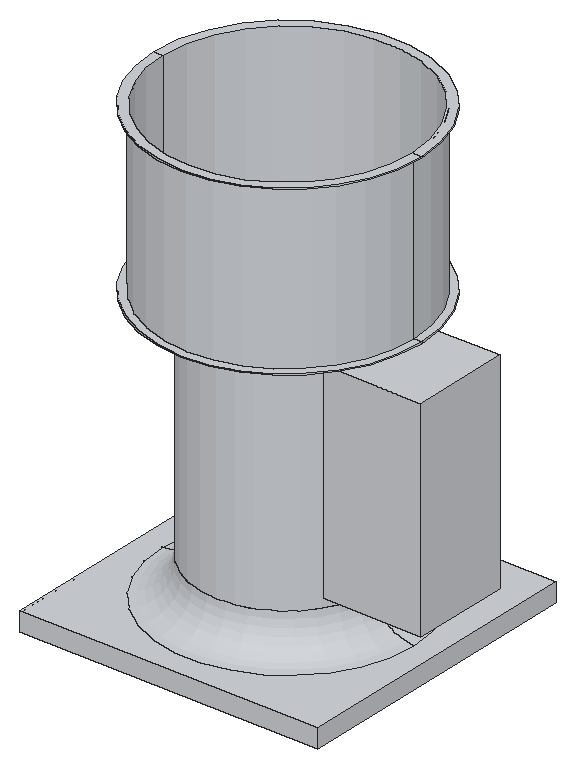
Revit family "TUB", category Mechanical Equipment, Revit 2019
Family settings
  Round Connector Dimension = Use Diameter
  Part Type = Normal
  Work Plane-Based = No
  Always vertical = Yes
  Cut with Voids When Loaded = No
  Shared = No
  Room Calculation Point = No
Parameters (values of type "20_TUB_SC")
  Unit Weight [instance] = ""
  T_SQ/6 = T_SQ / 6  # 0' - 5.33333"
  Sones [instance] = ""
  Motor RPM [instance] = ""
  Motor Enclosure [instance] = ""
  ModelID [instance] = ""
  LwA [instance] = ""
  RO = T_SQ - 0' 4 1/2"  # 2' - 3 1/2"
  Fan RPM [instance] = ""
  T_SQ/2 = T_SQ / 2  # 1' - 4"
  T_SQ = 2' - 8"
  E-.125" = E - 0' 0 1/8"  # 0' - 1 7/8"
  E+C-B-2" = E + C_ - B - 0' 2"  # 2' - 5 5/8"
  E = 0' - 2"
  D = 0' - 4"
  C-B-3" = C_ - B - 0' 3"  # 2' - 2 5/8"
  B/2 = B / 2  # 0' - 9 1/16"
  C-B = C_ - B  # 2' - 5 5/8"
  B = 1' - 6 1/8"
  Brake Hp [instance] = ""
  C_/2 = C_ / 2  # 1' - 11 7/8"
  C_ = 3' - 11 3/4"
  Accessories [instance] = ""
  A/4 = A / 3  # 0' - 9.08333"
  A/2 = A / 2  # 1' - 1 5/8"
  A = 2' - 3 1/4"
  4" = 0' - 4"  # constant formula
  2' = 2' - 0"
  2" = 0' - 2"  # constant formula
  1' = 1' - 0"  # constant formula
  1" = 0' - 1"  # constant formula
  0 = 0' - 0"  # constant formula
  Voltage [instance] = 0 V
  URL = "www.lorencook.com"
  Type Comments = "Upblast Exhaust Smoke Control Ventilator Triton Steel Propeller Roof Mounted/ Belt Drive"
  Static Pressure [instance] = 0.00 in-wg
  Power [instance] = Voltage * Motor FLA * sqrt(if(Phase = 3, 3, 1))  # 0 VA
  Phase [instance] = 0
  Number of Poles [instance] = 1
  Motor Hp [instance] = "0"
  Motor FLA [instance] = 0 A
  Model = "TUBSC"
  Manufacturer = "Loren Cook Company"
  CFM [instance] = 0 CFM
  1.5 = 0' - 1 1/2"  # constant formula
  ONE EIGTH = 0' - 0 1/8"  # constant formula
  -(C/2) = -(B / 2)  # -0' - 9 1/16"
  -(A/2) = -(A / 2)  # -1' - 1 5/8"
  (T_SQ/2)+.125" = (T_SQ / 2) + 0' 0 1/8"  # 1' - 4 1/8"
  (A/2)-4.125" = (A / 2) - 0' 4 1/8"  # 0' - 9 1/2"
  (A/2)-4" = (A / 2) - 0' 4"  # 0' - 9 5/8"
Types (19): name | T_SQ/6 | RO | T_SQ/2 | T_SQ | E-.125" | E+C-B-2" | E | C-B-3" | B/2 | C-B | B | C_/2 | C_ | A/4 | A/2 | A | Type Comments | Model | -(C/2) | -(A/2) | (T_SQ/2)+.125" | (A/2)-4.125" | (A/2)-4"
  (no name) | 0' - 5.33333" | 2' - 3 1/2" | 1' - 4" | 2' - 8" | 0' - 1 7/8" | 2' - 5 5/8" | 0' - 2" | 2' - 2 5/8" | 0' - 9 1/16" | 2' - 5 5/8" | 1' - 6 1/8" | 1' - 11 7/8" | 3' - 11 3/4" | 0' - 9.08333" | 1' - 1 5/8" | 2' - 3 1/4" | "Upblast Exhaust Smoke Control Ventilator Triton Steel Propeller Roof Mounted/ Belt Drive" | "TUBSC" | -0' - 9 1/16" | -1' - 1 5/8" | 1' - 4 1/8" | 0' - 9 1/2" | 0' - 9 5/8"
  24_TUB | 0' - 6" | 2' - 7 1/2" | 1' - 6" | 3' - 0" | 0' - 2 7/8" | 2' - 6 1/4" | 0' - 3" | 2' - 2 1/4" | 0' - 9 9/16" | 2' - 5 1/4" | 1' - 7 1/8" | 2' - 0 3/16" | 4' - 0 3/8" | 0' - 10.41667" | 1' - 3 5/8" | 2' - 7 1/4" | "Upblast Exhaust Ventilator Triton Steel Propeller Roof Mounted/ Belt Drive" | "TUB" | -0' - 9 9/16" | -1' - 3 5/8" | 1' - 6 1/8" | 0' - 11 1/2" | 0' - 11 5/8"
  30_TUB_SC | 0' - 7" | 3' - 1 1/2" | 1' - 9" | 3' - 6" | 0' - 2 7/8" | 2' - 7 1/2" | 0' - 3" | 2' - 3 1/2" | 0' - 11 13/16" | 2' - 6 1/2" | 1' - 11 5/8" | 2' - 3 1/16" | 4' - 6 1/8" | 1' - 0.41667" | 1' - 6 5/8" | 3' - 1 1/4" | "Upblast Exhaust Smoke Control Ventilator Triton Steel Propeller Roof Mounted/ Belt Drive" | "TUBSC" | -0' - 11 13/16" | -1' - 6 5/8" | 1' - 9 1/8" | 1' - 2 1/2" | 1' - 2 5/8"
  36_TUB_SC | 0' - 8" | 3' - 7 1/2" | 2' - 0" | 4' - 0" | 0' - 2 7/8" | 3' - 0 1/2" | 0' - 3" | 2' - 8 1/2" | 1' - 0 13/16" | 2' - 11 1/2" | 2' - 1 5/8" | 2' - 6 9/16" | 5' - 1 1/8" | 1' - 2.41667" | 1' - 9 5/8" | 3' - 7 1/4" | "Upblast Exhaust Smoke Control Ventilator Triton Steel Propeller Roof Mounted/ Belt Drive" | "TUBSC" | -1' - 0 13/16" | -1' - 9 5/8" | 2' - 0 1/8" | 1' - 5 1/2" | 1' - 5 5/8"
  42_TUB_SC | 0' - 9" | 4' - 1 1/2" | 2' - 3" | 4' - 6" | 0' - 2 7/8" | 3' - 1 11/16" | 0' - 3" | 2' - 9 11/16" | 1' - 1 15/16" | 3' - 0 11/16" | 2' - 3 7/8" | 2' - 8 9/32" | 5' - 4 9/16" | 1' - 4.41667" | 2' - 0 5/8" | 4' - 1 1/4" | "Upblast Exhaust Smoke Control Ventilator Triton Steel Propeller Roof Mounted/ Belt Drive" | "TUBSC" | -1' - 1 15/16" | -2' - 0 5/8" | 2' - 3 1/8" | 1' - 8 1/2" | 1' - 8 5/8"
  48_TUB | 0' - 10" | 4' - 7 1/2" | 2' - 6" | 5' - 0" | 0' - 2 7/8" | 3' - 4 9/16" | 0' - 3" | 3' - 0 9/16" | 1' - 3 5/8" | 3' - 3 9/16" | 2' - 7 1/4" | 2' - 11 13/32" | 5' - 10 13/16" | 1' - 6.41667" | 2' - 3 5/8" | 4' - 7 1/4" | "Upblast Exhaust Ventilator Triton Steel Propeller Roof Mounted/ Belt Drive" | "TUB" | -1' - 3 5/8" | -2' - 3 5/8" | 2' - 6 1/8" | 1' - 11 1/2" | 1' - 11 5/8"
  54_TUB | 0' - 11" | 5' - 1 1/2" | 2' - 9" | 5' - 6" | 0' - 2 7/8" | 3' - 9" | 0' - 3" | 3' - 5" | 1' - 5 5/8" | 3' - 8" | 2' - 11 1/4" | 3' - 3 5/8" | 6' - 7 1/4" | 1' - 8.41667" | 2' - 6 5/8" | 5' - 1 1/4" | "Upblast Exhaust Ventilator Triton Steel Propeller Roof Mounted/ Belt Drive" | "TUB" | -1' - 5 5/8" | -2' - 6 5/8" | 2' - 9 1/8" | 2' - 2 1/2" | 2' - 2 5/8"
  60_TUB | 1' - 0" | 5' - 7 1/2" | 3' - 0" | 6' - 0" | 0' - 2 7/8" | 4' - 0 1/4" | 0' - 3" | 3' - 8 1/4" | 1' - 6 1/4" | 3' - 11 1/4" | 3' - 0 1/2" | 3' - 5 7/8" | 6' - 11 3/4" | 1' - 10.41667" | 2' - 9 5/8" | 5' - 7 1/4" | "Upblast Exhaust Ventilator Triton Steel Propeller Roof Mounted/ Belt Drive" | "TUB" | -1' - 6 1/4" | -2' - 9 5/8" | 3' - 0 1/8" | 2' - 5 1/2" | 2' - 5 5/8"
  72_TUB | 1' - 2" | 6' - 7 1/2" | 3' - 6" | 7' - 0" | 0' - 2 7/8" | 4' - 7 13/16" | 0' - 3" | 4' - 3 13/16" | 1' - 10" | 4' - 6 13/16" | 3' - 8" | 4' - 1 13/32" | 8' - 2 13/16" | 2' - 2.33333" | 3' - 3 1/2" | 6' - 7" | "Upblast Exhaust Ventilator Triton Steel Propeller Roof Mounted/ Belt Drive" | "TUB" | -1' - 10" | -3' - 3 1/2" | 3' - 6 1/8" | 2' - 11 3/8" | 2' - 11 1/2"
  20_TUB | 0' - 5.33333" | 2' - 3 1/2" | 1' - 4" | 2' - 8" | 0' - 1 7/8" | 2' - 5 5/8" | 0' - 2" | 2' - 2 5/8" | 0' - 9 1/16" | 2' - 5 5/8" | 1' - 6 1/8" | 1' - 11 7/8" | 3' - 11 3/4" | 0' - 9.08333" | 1' - 1 5/8" | 2' - 3 1/4" | "Upblast Exhaust Ventilator Triton Steel Propeller Roof Mounted/ Belt Drive" | "TUB" | -0' - 9 1/16" | -1' - 1 5/8" | 1' - 4 1/8" | 0' - 9 1/2" | 0' - 9 5/8"
  20_TUB_SC | 0' - 5.33333" | 2' - 3 1/2" | 1' - 4" | 2' - 8" | 0' - 1 7/8" | 2' - 5 5/8" | 0' - 2" | 2' - 2 5/8" | 0' - 9 1/16" | 2' - 5 5/8" | 1' - 6 1/8" | 1' - 11 7/8" | 3' - 11 3/4" | 0' - 9.08333" | 1' - 1 5/8" | 2' - 3 1/4" | "Upblast Exhaust Smoke Control Ventilator Triton Steel Propeller Roof Mounted/ Belt Drive" | "TUBSC" | -0' - 9 1/16" | -1' - 1 5/8" | 1' - 4 1/8" | 0' - 9 1/2" | 0' - 9 5/8"
  24_TUB_SC | 0' - 6" | 2' - 7 1/2" | 1' - 6" | 3' - 0" | 0' - 2 7/8" | 2' - 6 1/4" | 0' - 3" | 2' - 2 1/4" | 0' - 9 9/16" | 2' - 5 1/4" | 1' - 7 1/8" | 2' - 0 3/16" | 4' - 0 3/8" | 0' - 10.41667" | 1' - 3 5/8" | 2' - 7 1/4" | "Upblast Exhaust Smoke Control Ventilator Triton Steel Propeller Roof Mounted/ Belt Drive" | "TUBSC" | -0' - 9 9/16" | -1' - 3 5/8" | 1' - 6 1/8" | 0' - 11 1/2" | 0' - 11 5/8"
  48_TUB_SC | 0' - 10" | 4' - 7 1/2" | 2' - 6" | 5' - 0" | 0' - 2 7/8" | 3' - 4 9/16" | 0' - 3" | 3' - 0 9/16" | 1' - 3 5/8" | 3' - 3 9/16" | 2' - 7 1/4" | 2' - 11 13/32" | 5' - 10 13/16" | 1' - 6.41667" | 2' - 3 5/8" | 4' - 7 1/4" | "Upblast Exhaust Smoke Control Ventilator Triton Steel Propeller Roof Mounted/ Belt Drive" | "TUBSC" | -1' - 3 5/8" | -2' - 3 5/8" | 2' - 6 1/8" | 1' - 11 1/2" | 1' - 11 5/8"
  30_TUB | 0' - 7" | 3' - 1 1/2" | 1' - 9" | 3' - 6" | 0' - 2 7/8" | 2' - 7 1/2" | 0' - 3" | 2' - 3 1/2" | 0' - 11 13/16" | 2' - 6 1/2" | 1' - 11 5/8" | 2' - 3 1/16" | 4' - 6 1/8" | 1' - 0.41667" | 1' - 6 5/8" | 3' - 1 1/4" | "Upblast Exhaust Ventilator Triton Steel Propeller Roof Mounted/ Belt Drive" | "TUB" | -0' - 11 13/16" | -1' - 6 5/8" | 1' - 9 1/8" | 1' - 2 1/2" | 1' - 2 5/8"
  36_TUB | 0' - 8" | 3' - 7 1/2" | 2' - 0" | 4' - 0" | 0' - 2 7/8" | 3' - 0 1/2" | 0' - 3" | 2' - 8 1/2" | 1' - 0 13/16" | 2' - 11 1/2" | 2' - 1 5/8" | 2' - 6 9/16" | 5' - 1 1/8" | 1' - 2.41667" | 1' - 9 5/8" | 3' - 7 1/4" | "Upblast Exhaust Ventilator Triton Steel Propeller Roof Mounted/ Belt Drive" | "TUB" | -1' - 0 13/16" | -1' - 9 5/8" | 2' - 0 1/8" | 1' - 5 1/2" | 1' - 5 5/8"
  42_TUB | 0' - 9" | 4' - 1 1/2" | 2' - 3" | 4' - 6" | 0' - 2 7/8" | 3' - 1 11/16" | 0' - 3" | 2' - 9 11/16" | 1' - 1 15/16" | 3' - 0 11/16" | 2' - 3 7/8" | 2' - 8 9/32" | 5' - 4 9/16" | 1' - 4.41667" | 2' - 0 5/8" | 4' - 1 1/4" | "Upblast Exhaust Ventilator Triton Steel Propeller Roof Mounted/ Belt Drive" | "TUB" | -1' - 1 15/16" | -2' - 0 5/8" | 2' - 3 1/8" | 1' - 8 1/2" | 1' - 8 5/8"
  54_TUB_SC | 0' - 11" | 5' - 1 1/2" | 2' - 9" | 5' - 6" | 0' - 2 7/8" | 3' - 9" | 0' - 3" | 3' - 5" | 1' - 5 5/8" | 3' - 8" | 2' - 11 1/4" | 3' - 3 5/8" | 6' - 7 1/4" | 1' - 8.41667" | 2' - 6 5/8" | 5' - 1 1/4" | "Upblast Exhaust Smoke Control Ventilator Triton Steel Propeller Roof Mounted/ Belt Drive" | "TUBSC" | -1' - 5 5/8" | -2' - 6 5/8" | 2' - 9 1/8" | 2' - 2 1/2" | 2' - 2 5/8"
  60_TUB_SC | 1' - 0" | 5' - 7 1/2" | 3' - 0" | 6' - 0" | 0' - 2 7/8" | 4' - 0 1/4" | 0' - 3" | 3' - 8 1/4" | 1' - 6 1/4" | 3' - 11 1/4" | 3' - 0 1/2" | 3' - 5 7/8" | 6' - 11 3/4" | 1' - 10.41667" | 2' - 9 5/8" | 5' - 7 1/4" | "Upblast Exhaust Smoke Control Ventilator Triton Steel Propeller Roof Mounted/ Belt Drive" | "TUBSC" | -1' - 6 1/4" | -2' - 9 5/8" | 3' - 0 1/8" | 2' - 5 1/2" | 2' - 5 5/8"
  72_TUB_SC | 1' - 2" | 6' - 7 1/2" | 3' - 6" | 7' - 0" | 0' - 2 7/8" | 4' - 7 13/16" | 0' - 3" | 4' - 3 13/16" | 1' - 10" | 4' - 6 13/16" | 3' - 8" | 4' - 1 13/32" | 8' - 2 13/16" | 2' - 2.33333" | 3' - 3 1/2" | 6' - 7" | "Upblast Exhaust Smoke Control Ventilator Triton Steel Propeller Roof Mounted/ Belt Drive" | "TUBSC" | -1' - 10" | -3' - 3 1/2" | 3' - 6 1/8" | 2' - 11 3/8" | 2' - 11 1/2"
Reference planes (in)
  plane 1 "Center (Front/Back)": y = 0
  plane 2: z = 0
  plane 3 "Center (Left/Right)": x = 0.40541
Forms (in)
  Extrusion 1, solid
    sketch origin (0, 0, 0) x (1, 0, 0) y (0, 1, 0)
      loop
        line (-15.71959, 16.125) -> (-15.71959, -16.125) -> (16.53041, -16.125) -> (16.53041, 16.125) -> (-15.71959, 16.125)
    from 0 to 2 <- "E"
  Extrusion 2, void
    sketch origin (0, 0, 0) x (1, 0, 0) y (0, 1, 0)
      loop
        line (-15.59459, 16) -> (-15.59459, -16) -> (16.40541, -16) -> (16.40541, 16) -> (-15.59459, 16)
    from 0 to 1.875 <- "E-.125""
  Revolve 3, solid
    sketch origin (0, 0, 0) x (1, 0, 0) y (0, 0, 1)
      loop
        line (0.40541, 2) -> (14.03041, 2)
        arc (14.03041, 2) -> (11.20199, 3.17157) -> (10.03041, 6) r 4
        line (10.03041, 6) -> (0.40541, 6) -> (0.40541, 2)
      axis (0.40541, 6) -> (0.40541, 2)
    angle from 0 to 360
  Revolve 4, solid
    sketch origin (0, 0, 0) x (1, 0, 0) y (0, 0, 1)
      loop
        line (0.40541, 6) -> (10.03041, 6) -> (10.03041, 35.625) -> (0.40541, 35.625) -> (0.40541, 6)
      axis (0.40541, 6) -> (0.40541, 35.625)
    angle from 0 to 360
  Revolve 5, solid
    sketch origin (0, 0, 0) x (1, 0, 0) y (0, 0, 1)
      loop
        line (14.90541, 31.625) -> (14.90541, 31.75) -> (14.03041, 31.75) -> (14.03041, 49.625) -> (14.90541, 49.625) -> (14.90541, 49.75) -> (13.90541, 49.75) -> (13.90541, 31.625) -> (14.90541, 31.625)
      axis (0.40541, 31.625) -> (0.40541, 49.75)
    angle from 0 to 360
  Extrusion 6, void
    sketch origin (0, 0, 0) x (1, 0, 0) y (0, 1, 0)
      loop
        circle (0.40541, 0) r 9.5
    from 0 to 47.75 <- "C_"
  Extrusion 7, solid
    sketch origin (0, 0, 0) x (1, 0, 0) y (0, 1, 0)
      loop
        line (8.41766, -5.33333) -> (19.11375, -5.33333) -> (19.11375, 5.33333) -> (8.41766, 5.33333)
        arc (8.41766, 5.33333) -> (10.03041, 0) -> (8.41766, -5.33333) r 9.625
    from 7 to 29.625 <- "E+C-B-2""
Cuts and joins
  Extrusion 2, Extrusion 6 cuts Extrusion 1
  Extrusion 6 cuts Revolve 3
  Extrusion 6 cuts Revolve 4
  Extrusion 6 cuts Revolve 5
Dimensions and locks (in)
  "(T_SQ/2)+.125"": plane 1 "Center (Front/Back)" to Extrusion 1 sketch curve
  "(T_SQ/2)+.125"": Extrusion 1 sketch curve to plane 1 "Center (Front/Back)"
  "(T_SQ/2)+.125"": Extrusion 1 sketch curve to plane 3 "Center (Left/Right)"
  "(T_SQ/2)+.125"": plane 3 "Center (Left/Right)" to Extrusion 1 sketch curve
  "T_SQ/2": Extrusion 2 sketch curve to plane 3 "Center (Left/Right)"
  "T_SQ/2": plane 3 "Center (Left/Right)" to Extrusion 2 sketch curve
  "T_SQ/2": plane 1 "Center (Front/Back)" to Extrusion 2 sketch curve
  "T_SQ/2": Extrusion 2 sketch curve to plane 1 "Center (Front/Back)"
  "0": Revolve 3 sketch curve to plane 3 "Center (Left/Right)"  (x2)
  "0": Revolve 3 sketch curve to cut or joined group of Extrusion 1, Extrusion 2, Extrusion 6
  "4"": Revolve 3 sketch curve to cut or joined group of Extrusion 1, Extrusion 2, Extrusion 6
  "(A/2)-4"": Revolve 3 sketch curve to plane 3 "Center (Left/Right)"
  "0": Revolve 3 sketch curve to Revolve 3 sketch curve
  "0": Revolve 4 sketch curve to plane 3 "Center (Left/Right)"  (x2)
  "(A/2)-4"": Revolve 4 sketch curve to plane 3 "Center (Left/Right)"
  "0": Revolve 4 sketch curve to Revolve 3
  "A/2": plane 3 "Center (Left/Right)" to Revolve 5 sketch curve
  "0": Revolve 5 sketch curve to plane 3 "Center (Left/Right)"
  "C-B": Revolve 5 sketch curve to cut or joined group of Extrusion 1, Extrusion 2, Extrusion 6
  "B": Revolve 5 sketch curve to Revolve 5 sketch curve
  "ONE EIGTH": Revolve 5 sketch curve to Revolve 5 sketch curve  (x3)
  "1"": Revolve 5 sketch curve to Revolve 5 sketch curve  (x2)
  "0": Extrusion 6 sketch curve to plane 3 "Center (Left/Right)"
  "0": Extrusion 6 sketch curve to plane 1 "Center (Front/Back)"
  "D": Revolve 4 sketch curve to cut or joined group of Revolve 5, Extrusion 6
  "T_SQ/6": plane 1 "Center (Front/Back)" to Extrusion 7 sketch curve
  "T_SQ/6": Extrusion 7 sketch curve to plane 1 "Center (Front/Back)"
  "0": Extrusion 7 sketch curve to plane 3 "Center (Left/Right)"
  "0": Extrusion 7 sketch curve to plane 1 "Center (Front/Back)"
  "A/4": Extrusion 7 sketch curve to Extrusion 7 sketch curve
  "(A/2)-4.125"": radius of Extrusion 6 sketch curve
  "(A/2)-4"": radius of Extrusion 7 sketch curve
Automatic sketch dimensions
  Revolve 3 sketch curve to level = 0' - 10"
  Revolve 3 sketch curve to Revolve 3 sketch curve = 0' - 1"
  level to Revolve 5 sketch curve = 3' - 0.63042"
  Revolve 5 sketch curve to Revolve 5 sketch curve = 1' - 5"
  Revolve 4 sketch curve to Revolve 4 sketch curve = 1' - 0"
  Revolve 4 sketch curve to Revolve 4 sketch curve = 0' - 3 3/4"
  Extrusion 7 sketch curve to Extrusion 7 sketch curve = 0' - 0"
Connectors (in)
  hvac at (0.40541, 0, 0), driven by "RO", driven by "RO"
    settings: on cut or joined group of Extrusion 1, Extrusion 2, Extrusion 6, index 1, duct flow 0 CFM, flow factor 0, pres drop 0.00 in-wg, loss coef 0, conn angle 0.00°, conn width 27 1/2", conn height 27 1/2", conn diameter 24", duct sys type 3, conn prof type 1, flow config 0, flow direction 2, loss method 0, conn ref index -1, conn util no, is conn primary yes, conn desc ""
  electrical at (13.7657, 0, 7)
    settings: on Extrusion 7, index 2, voltage 0 V, apparent load 0 VA, apparent load phase1 0 VA, apparent load phase2 0 VA, apparent load phase3 0 VA, power factor 1, load classification "Other", number of poles 1, system type 30, power factor state 1, is connector primary yes, connector utility no, sub classification motor no, connector description ""
